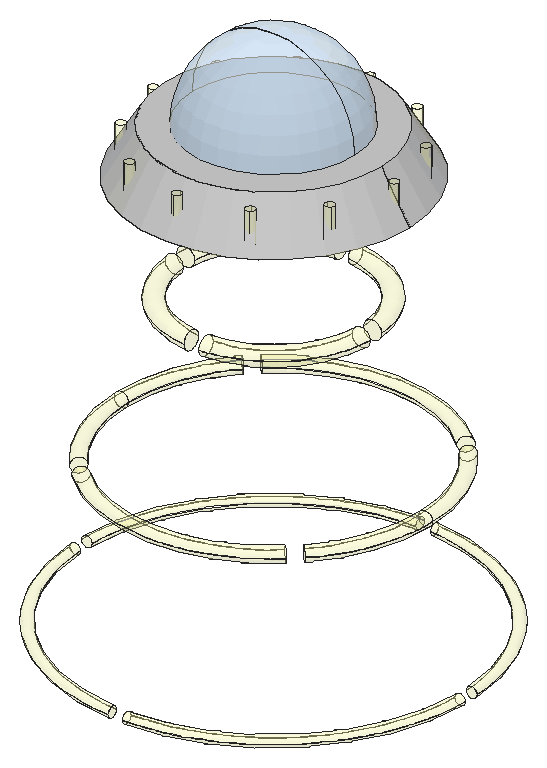
Revit family "UFO_unit", category Generic Models, Revit 2020
Family settings
  Can host rebar = No
  Round Connector Dimension = Use Diameter
  Part Type = Normal
  Work Plane-Based = Yes
  Always vertical = No
  Cut with Voids When Loaded = No
  Shared = Yes
  Room Calculation Point = No
Parameters
  show_beam [instance] = yes
  Default Elevation = 0 mm
Reference planes
  plane 1 "Center (Front/Back)": y = 0
  plane 2: z = 0
  plane 3 "Center (Left/Right)": x = 0
Forms (mm)
  Blend 1, solid
    base sketch origin (0, 0, 0) x (1, 0, 0) y (0, 1, 0)
      loop
        circle (0, 0) r 1500
    top sketch origin (0, 0, 0) x (1, 0, 0) y (0, 1, 0)
      loop
        circle (0, 0) r 1200
    from 0 to 500
  Revolve 2, solid
    sketch origin (0, 0, 0) x (1, 0, 0) y (0, 0, 1)
      loop
        arc (900, 500) -> (636.396, 1136.396) -> (0, 1400) r 900
        line (0, 1400) -> (0, 500) -> (900, 500)
      axis (0, 1400) -> (0, 500)
    angle from 0 to 360
  Extrusion 3, solid
    sketch origin (-900, 0, 0) x (1, 0, 0) y (0, 1, 0)
      loop
        circle (2234.357, 0) r 50
    from 50 to 400
  Extrusion 4, solid
    sketch origin (-779.423, 450, 0) x (0.866025, -0.5, 0) y (0.5, 0.866025, 0)
      loop
        circle (2234.357, 0) r 50
    from 50 to 400
  Extrusion 5, solid
    sketch origin (-779.423, -450, 0) x (0.866025, 0.5, 0) y (-0.5, 0.866025, 0)
      loop
        circle (2234.357, 0) r 50
    from 50 to 400
  Extrusion 6, solid
    sketch origin (-450, -779.423, 0) x (0.5, 0.866025, 0) y (-0.866025, 0.5, 0)
      loop
        circle (2234.357, 0) r 50
    from 50 to 400
  Extrusion 7, solid
    sketch origin (0, -900, 0) x (0, 1, 0) y (-1, 0, 0)
      loop
        circle (2234.357, 0) r 50
    from 50 to 400
  Extrusion 8, solid
    sketch origin (450, -779.423, 0) x (-0.5, 0.866025, 0) y (-0.866025, -0.5, 0)
      loop
        circle (2234.357, 0) r 50
    from 50 to 400
  Extrusion 9, solid
    sketch origin (779.423, -450, 0) x (-0.866025, 0.5, 0) y (-0.5, -0.866025, 0)
      loop
        circle (2234.357, 0) r 50
    from 50 to 400
  Extrusion 10, solid
    sketch origin (900, 0, 0) x (-1, 0, 0) y (0, -1, 0)
      loop
        circle (2234.357, 0) r 50
    from 50 to 400
  Extrusion 11, solid
    sketch origin (779.423, 450, 0) x (-0.866025, -0.5, 0) y (0.5, -0.866025, 0)
      loop
        circle (2234.357, 0) r 50
    from 50 to 400
  Extrusion 12, solid
    sketch origin (450, 779.423, 0) x (-0.5, -0.866025, 0) y (0.866025, -0.5, 0)
      loop
        circle (2234.357, 0) r 50
    from 50 to 400
  Extrusion 13, solid
    sketch origin (0, 900, 0) x (0, -1, 0) y (1, 0, 0)
      loop
        circle (2234.357, 0) r 50
    from 50 to 400
  Extrusion 14, solid
    sketch origin (-450, 779.423, 0) x (0.5, -0.866025, 0) y (0.866025, 0.5, 0)
      loop
        circle (2234.357, 0) r 50
    from 50 to 400
  Sweep 15, solid, visible <- "show_beam"
    path in 3D
      loop
        arc (-500, 0, 0) -> (0, -500, 0) -> (500, 0, 0) r 500
        arc (500, 0, 0) -> (0, 500, 0) -> (-500, 0, 0) r 500
    profile "profile : DD" origin (0, 500, 0) x (0, -1, 0) y (0, 0, 1)
      loop
        circle (-1629.857, -4421.73) r 60
      loop
        circle (-1183.611, -2822.233) r 80
      loop
        circle (-537.701, -1215.914) r 100
  Extrusion 16, void
    sketch origin (0, 0, 0) x (1, 0, 0) y (0, 1, 0)
      loop
        line (-3806.428, 80) -> (-3806.428, -80) -> (-80, -80) -> (-80, -3806.428) -> (80, -3806.428) -> (80, -80) -> (4573.572, -80) -> (4573.572, 80) -> (80, 80) -> (80, 4573.572) -> (-80, 4573.572) -> (-80, 80) -> (-3806.428, 80)
    from -2322.286 to -536.221
  Extrusion 17, void
    sketch origin (0, 0, 0) x (1, 0, 0) y (0, 1, 0)
      loop
        line (-3806.428, 80) -> (-3806.428, -80) -> (-80, -80) -> (-80, -3806.428) -> (80, -3806.428) -> (80, -80) -> (4573.572, -80) -> (4573.572, 80) -> (80, 80) -> (80, 4573.572) -> (-80, 4573.572) -> (-80, 80) -> (-3806.428, 80)
    from -5455.063 to -3866.147
  Extrusion 18, void
    sketch origin (0, 0, 0) x (0.707107, -0.707107, 0) y (0.707107, 0.707107, 0)
      loop
        line (-3806.428, 80) -> (-3806.428, -80) -> (-80, -80) -> (-80, -3806.428) -> (80, -3806.428) -> (80, -80) -> (4573.572, -80) -> (4573.572, 80) -> (80, 80) -> (80, 4573.572) -> (-80, 4573.572) -> (-80, 80) -> (-3806.428, 80)
    from -3372.62 to -1964.263
Cuts and joins
  Extrusion 16, Extrusion 17, Extrusion 18 cuts Sweep 15
Lines and regions (mm)
  reference lines
    curve 1: circle (0, 0, 0) r 500 normal (0, 0, 1)
  sketch lines
    curve 2: circle (0, 0, 0) r 500 normal (0, 0, 1)
Dimensions and locks
  aligned and locked: plane 2 to level
